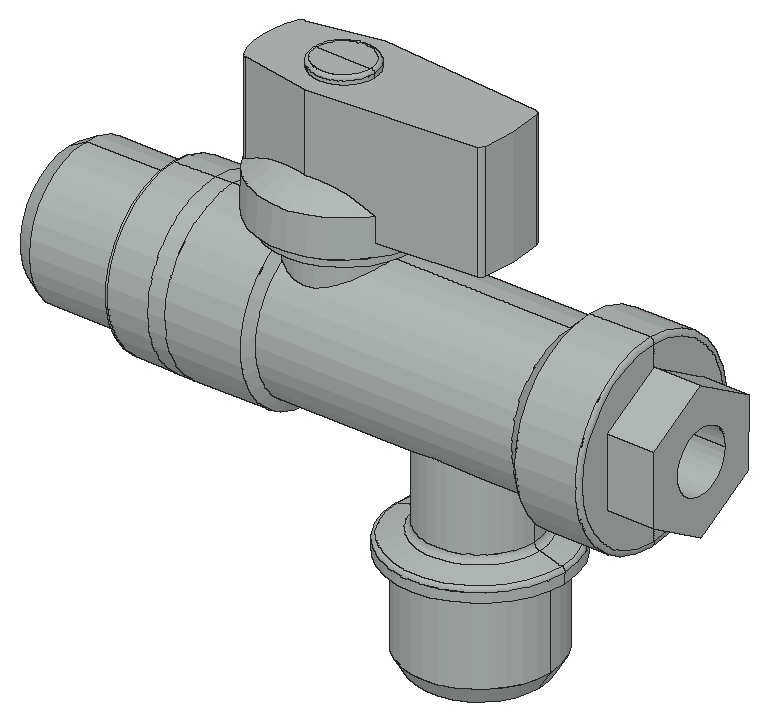
Revit family "QL22202102", category Apparecchi idraulici, Revit 2020
Family settings
  Quota connettore circolare = Usa diametro
  Tipo di parte = Normale
  Numero OmniClass = 23.45.00.00
  Titolo OmniClass = Sanitary, Laundry, and Cleaning Equipment
  Basato su piano di lavoro = No
  Sempre verticale = Sì
  Taglio con vuoti quando caricato = No
  Condiviso = No
  Punto di calcolo locali = No
Parameters
  URL = "https://web.cimberio.it/index.php/figura/507?subcategoria_id="
  Prospetto di default = 0 mm
  Produttore = "CIMBERIO SPA"
  Modello = "Cim 45F"
  Descrizione = "Realizzato in ottemperanza ai requisiti gestionali della norma EN ISO 9001.\r\nCollaudato al 100% secondo la normativa EN 12266-1.\r\nUtilizzato nei più svariati settori dell'impiantistica: impianti di riscaldamento, condizionamento, idrici, igienico-sanitari, aria compressa e in generale con ogni fluido non corrosivo."
  Type Comments = ""
Reference planes
  plane 1 "Centro (Fronte/Retro)": y = 0
  plane 2: z = 0
  plane 3 "Centro (Sinistra/Destra)": x = 0
Forms (mm)
  Extrusion 1, solid, material "Cim_Lega di ottone"
    sketch origin (0, 0, 0) x (0, 1, 0) y (0, 0, 1)
      loop
        circle (0, 0.019) r 4.5
      loop
        line (0, 10.019) -> (-8.66, 5.019) -> (-8.66, -4.981) -> (0, -9.981) -> (8.66, -4.981) -> (8.66, 5.019) -> (0, 10.019)
    from 45.5 to 52.5
  Revolve 2, solid, material "Cim_Lega di ottone"
    sketch origin (0, 0, 0) x (1, 0, 0) y (0, 0, 1)
      loop
        line (-7.397, 7.833) -> (0, 7.833) -> (0, 18.19) -> (-7.397, 18.19) -> (-7.397, 7.833)
      axis (0, 18.19) -> (0, 7.833)
    angle from 0 to 360
  Revolve 3, solid, material "Cim_Lega di ottone"
    sketch origin (0, 0, -0.6) x (1, 0, 0) y (0, 0, 1)
      loop
        line (0, 13.55) -> (0, 24.481)
        arc (0, 24.481) -> (-6.22, 23.693) -> (-11.805, 20.845) r 18.248
        line (-11.805, 20.845) -> (-11.9, 15.416) -> (-10.305, 14.495) -> (-10.305, 13.55) -> (0, 13.55)
      axis (0, 24.481) -> (0, 13.55)
    angle from 0 to 360
  Extrusion 4, solid, material "Cim_Lega di ottone"
    sketch origin (0, 0, -0.6) x (1, 0, 0) y (0, 1, 0)
      loop
        line (0.195, 7.359) -> (-10.06, 5.415)
        arc (-10.06, 5.415) -> (-10.457, 5.241) -> (-10.736, 4.91) r 0.957
        arc (-10.736, 4.91) -> (-11.535, 2.512) -> (-11.805, 0) r 11.805
        arc (-11.805, 0) -> (-11.523, -2.566) -> (-10.69, -5.009) r 11.805
        arc (-10.69, -5.009) -> (-10.411, -5.341) -> (-10.01, -5.508) r 0.921
        line (-10.01, -5.508) -> (0.165, -7.353) -> (23.966, -5.423)
        arc (23.966, -5.423) -> (24.352, -5.131) -> (24.556, -4.691) r 1
        arc (24.556, -4.691) -> (25, 0) -> (24.556, 4.691) r 25
        arc (24.556, 4.691) -> (24.243, 5.247) -> (23.658, 5.5) r 1
        line (23.658, 5.5) -> (0.195, 7.359)
    from 17.32 to 34.35
  Revolve 5, solid, material "Cim_Lega di ottone"
    sketch origin (0, 0, -0.6) x (1, 0, 0) y (0, 0, 1)
      loop
        line (4.001, 35.35) -> (0, 35.35) -> (0, 33.3) -> (4.5, 33.3) -> (4.5, 34.85)
        arc (4.5, 34.85) -> (4.354, 35.203) -> (4.001, 35.35) r 0.5
      axis (0, 35.35) -> (0, 33.3)
    angle from 0 to 360
  Revolve 6, solid, material "Cim_Lega di ottone"
    sketch origin (0, 0, 0) x (1, 0, 0) y (0, 0, 1)
      loop
        arc (-25.3, -11.883) -> (-25.154, -12.237) -> (-24.8, -12.383) r 0.5
        line (-24.8, -12.383) -> (-18.8, -12.5) -> (-16.3, -12.5) -> (-5.144, -12.5) -> (-4.278, -11) -> (33.396, -11) -> (36.196, -13.8) -> (45.1, -13.8)
        arc (45.1, -13.8) -> (45.395, -13.447) -> (45.5, -12.999) r 1
        line (45.5, -12.999) -> (45.5, -4.5) -> (-25.3, -4.5) -> (-25.3, -11.883)
      axis (-25.3, 0) -> (45.5, 0)
    angle from 0 to 360
  Revolve 7, solid, material "Cim_Lega di ottone filetto VERT"
    sketch origin (0, 0, 0) x (1, 0, 0) y (0, 0, 1)
      loop
        line (-37.8, 10.45) -> (-40.3, 9.007) -> (-40.3, 4.5) -> (-25.3, 4.5) -> (-25.3, 10.45) -> (-37.8, 10.45)
      axis (-40.3, 0) -> (-25.3, 0)
    angle from 0 to 360
  Revolve 8, solid, material "Cim_Lega di ottone"
    sketch origin (0, 0, 0) x (1, 0, 0) y (0, 0, 1)
      loop
        line (12, -6.3) -> (12, -19.126)
        arc (12, -19.126) -> (11.793, -19.735) -> (11.258, -20.092) r 1
        line (11.258, -20.092) -> (7.986, -20.969)
        arc (7.986, -20.969) -> (7.635, -21.203) -> (7.5, -21.602) r 0.656
        line (7.5, -21.602) -> (7.5, -23) -> (20, -23) -> (20, -6.3) -> (12, -6.3)
      axis (20, -23) -> (20, -6.3)
    angle from 0 to 360
  Revolve 9, solid, material "Cim_Lega di ottone filetto"
    sketch origin (0, 0, 0) x (1, 0, 0) y (0, 0, 1)
      loop
        line (11.142, -38) -> (15.472, -38) -> (15.472, -23) -> (9.616, -23) -> (9.616, -35.508) -> (11.142, -38)
      axis (20, -38) -> (20, -23)
    angle from 0 to 360
Dimensions and locks
  aligned and locked: level to plane 2
Connectors
  piping at (52.5, 0, 0.019), diameter 9
    settings: on Extrusion 1, index 1, connector inside diameter 609.6 mm, connector length 0 mm, flow factor 0, pipe flow 0.0 L/s, pressure drop 0.0 Pa, fitting loss kfactor 0, connector angle 0.00°, fixture units 0, engagement length 0 mm, angle of deflection 0.00°, flow configuration 0, flow direction 0, fitting loss method 0, system type 7, joint type 0, gender type 0, connector reference index -1, connector utility 0, adjustable connector no, is connector primary yes, connector description ""
  piping at (-40.3, 0, 0), diameter 9
    settings: on Revolve 7, index 2, connector inside diameter 609.6 mm, connector length 0 mm, flow factor 0, pipe flow 0.0 L/s, pressure drop 0.0 Pa, fitting loss kfactor 0, connector angle 0.00°, fixture units 0, engagement length 0 mm, angle of deflection 0.00°, flow configuration 0, flow direction 0, fitting loss method 0, system type 7, joint type 0, gender type 0, connector reference index -1, connector utility 0, adjustable connector no, is connector primary no, connector description ""
